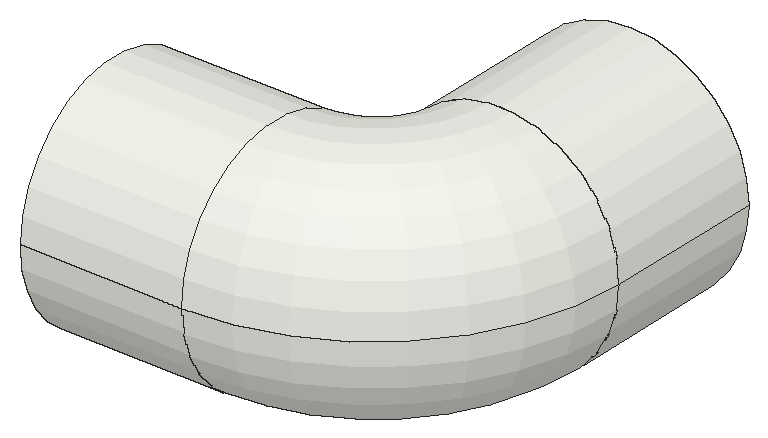
Revit family "Joelho", category Pipe Fittings, Revit 2025
Family settings
  Round Connector Dimension = Use Radius
  Part Type = Elbow
  OmniClass Number = 23.60.30.11.14
  OmniClass Title = Pipework Fittings
  Work Plane-Based = No
  Always vertical = Yes
  Cut with Voids When Loaded = No
  Shared = No
Parameters
  Tick Size [instance] = Socket Outside Diameter * 0.4  # 0.4376"
  Socket Outside Radius [instance] = Socket Outside Diameter / 2  # 0.547"
  Socket Outside Diameter Not Found [instance] = if(Angle 1 > 45.00°, 1.11 * Nominal Diameter + 69/128", 1.11 * Nominal Diameter + 143/256")  # 1.09406"
  Socket Outside Diameter [instance] = size_lookup(Lookup Table Name, "SOD", Socket Outside Diameter Not Found, Nominal Diameter, Angle 1)  # 1.094"
  Socket Length Not Found [instance] = if(Angle 1 > 45.00°, 0.45 * Nominal Diameter + 131/256", 0.49 * Nominal Diameter + 1/2")  # 0.73672"
  Loss Method = K Coefficient from Table
  Lookup Table Name = "Elbow - PVC - Sch 40"
  Length 1 [instance] = (Socket Outside Diameter / 2 + 1/32") * tan(Angle / 2) + Socket Length  # 1.32825"
  Nominal Radius [instance] = 1/4"
  Nominal Diameter [instance] = Nominal Radius * 2  # 1/2"
  K Coefficient Table = "Regular 45, 90 and 180 Elbow"
  Default Elevation = 0' - 0"
  Center to End Not Found [instance] = if(Angle 1 > 45.00°, 1 * Nominal Diameter + 179/256", 0.76 * Nominal Diameter + 39/64")  # 1 51/256"
  Center to End Label [instance] = if(Center to End > Socket Outside Diameter / 2 * tan(Angle / 2) + Socket Length, Center to End, Length 1)  # 1.32825"
  Center to End [instance] = size_lookup(Lookup Table Name, "CtE", Center to End Not Found, Nominal Diameter, Angle 1)  # 1 1/4"
  Center Radius [instance] = (Center to End Label - Socket Length) / tan(Angle / 2)  # 0.57825"
  Socket Length [instance] = size_lookup(Lookup Table Name, "SLgt", Socket Length Not Found, Nominal Diameter, Angle 1)  # 3/4"
  Assembly Code = ""
  Angle 1 [instance] = if(Angle > 45.00°, 90.00°, 45.00°)  # 90.00°
  Angle [instance] = 90.00°
Reference planes (in)
  plane 1 "Center (Front/Back)": y = 0
  plane 2: z = 0
  plane 3 "Center (Left/Right)": x = 0
  plane 4: x = -1.32825
  plane 5: x = -0.57825
  plane 6: y = 0.4376
  plane 7: y = -0.4376
  plane 8: y = 0.57825
Forms (in)
  Sweep 1, solid, material "PVC", detail levels fine
    path in 3D
      loop
        line (-1.32825, 0, 0) -> (-0.57825, 0, 0)
        arc (-0.57825, 0, 0) -> (-0.16937, 0.16937, 0) -> (0, 0.57825, 0) r 0.57825
        line (0, 0.57825, 0) -> (0, 1.32825, 0)
    profile origin (-0.95325, 0, 0) x (0, 1, 0) y (0, 0, 1)
      loop
        circle (0, 0) r 0.547
Lines and regions (in)
  model lines, detail levels coarse+medium
    curve 1: line (-1.32825, 0.4376, 0) -> (-1.32825, -0.4376, 0)
    curve 2: arc (-0.57825, 0, 0) -> (-0.16937, 0.16937, 0) -> (0, 0.57825, 0) r 0.57825
    curve 3: line (-1.32825, 0, 0) -> (-0.57825, 0, 0)
    curve 7: line (0, 0.57825, 0) -> (0, 1.32825, 0)
    curve 13: line (-0.4376, 1.32825, 0) -> (0.4376, 1.32825, 0)
  sketch lines
    curve 4: line (-1.32825, 0, 0) -> (-0.57825, 0, 0)
    curve 5: arc (-0.57825, 0, 0) -> (-0.16937, 0.16937, 0) -> (0, 0.57825, 0) r 0.57825
    curve 10: line (0, 0.57825, 0) -> (0, 1.32825, 0)
  reference lines
    curve 6: line (0, 0, 0) -> (0, 1.75, 0)
    curve 8: line (0, 0, 0) -> (1.14334, 0, 0)
    curve 9: line (-0.4376, 1.32825, 0) -> (2.02753, 1.32825, 0)
    curve 11: line (-0.4376, 0.36732, 0) -> (-0.4376, 1.86732, 0)
    curve 12: line (0.4376, 0.85859, 0) -> (0.4376, 3.44301, 0)
    curve 14: line (-0.57825, 0.57825, 0) -> (1.42175, 0.57825, 0)
Dimensions and locks (in)
  "Center to End Label": plane 4 to plane 3 "Center (Left/Right)"
  "Socket Length": plane 4 to plane 5
  equal spacing: plane 6, plane 1 "Center (Front/Back)", plane 7
  "Tick Size": plane 6 to plane 1 "Center (Front/Back)"
  "Center Radius": plane 8 to plane 1 "Center (Front/Back)"
  "Center to End Label": curve 8 to curve 9
  "Tick Size": curve 6 to curve 11
  "Tick Size": curve 12 to curve 6
  "Center Radius": radius of curve 2
  "Socket Outside Radius": radius of Sweep 1 sketch curve
  "Angle": angle curve 2 to curve 2
  "Angle": angle plane 1 "Center (Front/Back)" to curve 6
  locked: curve 8 to curve 6 (angle 90.00°)
  locked: curve 9 to curve 11 (angle 90.00°)
  locked: curve 9 to curve 12 (angle 90.00°)
  "Angle": angle plane 5 to curve 14
  aligned and locked: plane 6 to curve 1
  aligned and locked: plane 7 to curve 1
  aligned and locked: curve 1 to plane 4
  aligned and locked: plane 8 to curve 2
  aligned and locked: plane 5 to curve 2
  aligned and locked: plane 4 to curve 3
  aligned and locked: plane 5 to curve 3
  aligned and locked: plane 1 "Center (Front/Back)" to curve 3
  aligned and locked: plane 1 "Center (Front/Back)" to curve 6
  aligned and locked: plane 3 "Center (Left/Right)" to curve 6
  aligned and locked: plane 1 "Center (Front/Back)" to curve 8
  aligned and locked: plane 3 "Center (Left/Right)" to curve 8
  aligned and locked: curve 9 to curve 7
  aligned and locked: curve 6 to curve 7
  aligned and locked: curve 12 to curve 13
  aligned and locked: curve 11 to curve 13
  aligned and locked: curve 13 to curve 9
  aligned and locked: plane 8 to curve 14
  aligned and locked: plane 5 to curve 14
  aligned and locked: curve 14 to curve 7
Automatic sketch dimensions
  Sweep 1 sketch curve to profile plane = 0' - 0"  (x2)
  curve 6 to curve 11 = 0' - 0.36732"
  curve 14 to curve 12 = 0' - 0.28034"
Connectors (in)
  piping at (-1.32825, 0, 0), diameter 0.5, driven by "Nominal Radius", driven by "Angle"
    settings: on Sweep 1, index 1, connector inside diameter 1/2", connector length 0' - 0", flow factor 0, pipe flow 0 GPM, pressure drop 0.00 psi, fitting loss kfactor 0, connector angle 90.00°, fixture units 0, engagement length 0' - 0", angle of deflection 0.00°, flow configuration 0, flow direction 0, fitting loss method 0, system type 28, joint type 0, gender type 0, connector reference index 2, connector utility 0, adjustable connector no, is connector primary yes, connector description ""
  piping at (0, 1.32825, 0), diameter 0.5, driven by "Nominal Radius", driven by "Angle"
    settings: on Sweep 1, index 2, connector inside diameter 1/2", connector length 0' - 0", flow factor 0, pipe flow 0 GPM, pressure drop 0.00 psi, fitting loss kfactor 0, connector angle 90.00°, fixture units 0, engagement length 0' - 0", angle of deflection 0.00°, flow configuration 0, flow direction 0, fitting loss method 0, system type 28, joint type 0, gender type 0, connector reference index 1, connector utility 0, adjustable connector no, is connector primary no, connector description ""
